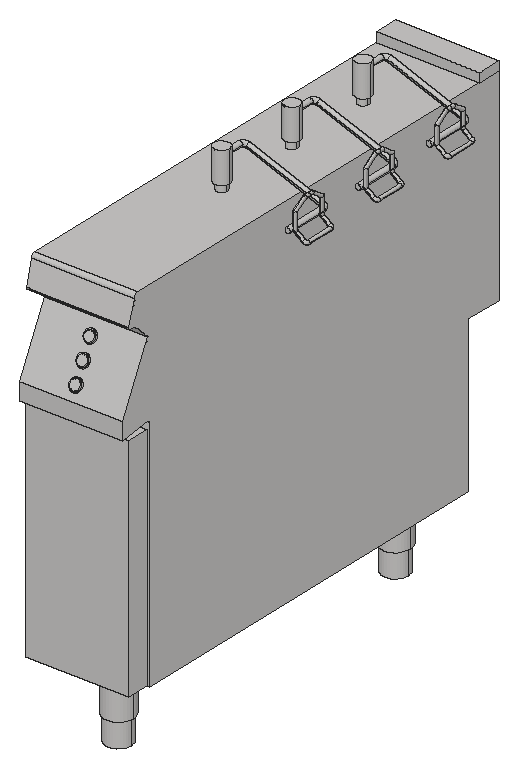
Revit family "QF_ZANUSSI_206355_LIFT9Z", category Attrezzature speciali, Revit 2020
Family settings
  Quota connettore circolare = Usa diametro
  Tipo di parte = Normale
  Basato su piano di lavoro = No
  Sempre verticale = Sì
  Taglio con vuoti quando caricato = No
  Condiviso = No
  Punto di calcolo locali = No
Parameters (values of type "Standard")
  Weight = 0.00 kg
  Watts = 0 W
  Volts = 0 V
  URL Manufacturer = ""
  URL = ""
  Steam Supply Size = 0 mm
  Steam Supply Minimum Pressure = 0.0 Pa
  Steam Supply Maximum Pressure = 0.0 Pa
  Steam Consumption per Hour = 0
  Show Clearance [instance] = yes
  Refrigeration Suction Line Size = 0 mm
  Refrigeration Liquid Line Size = 0 mm
  Refrigerant Compressor Remote = yes
  Prospetto di default = 0 mm
  Manufacturer = ""
  Phase = 0
  Model = ""
  Length Actual = 200 mm  # constant formula
  Item Number = ""
  Hot Water Size = 0 mm
  Height Actual = 850 mm  # constant formula
  HP = ""
  Gas Size = 0 mm
  Gas KW = 0
  Gas Input Pressure = 0 W
  Direct Waste Size = 0 mm
  Description = ""
  Depth Actual = 900 mm  # constant formula
  Cycle = 0 Hz
  Condensate Return Size = 0 mm
  Compressed Air Volume = 0.0 L/s
  Compressed Air Size = 0 mm
  Compressed Air Pressure = 0.0 Pa
  Cold Water Size = 0 mm
  Accessory = yes
Reference planes
  plane 1 "Back": y = 0
  plane 2: z = 0
  plane 3 "FRONT": y = -915
  plane 4 "LEFT": x = -21
  plane 5 "RIGHT": x = 179
  plane 6: x = 79
  plane 7: z = 923
  plane 8: z = 572.5
  plane 9: z = 851
  plane 10: z = 150
  plane 11 "Centro (Avanti/Indietro)": y = -457.5
  plane 12: y = -75
  plane 13: y = -850
  plane 14: y = -126
  plane 15: y = -800
  plane 16: z = 869
  plane 17: y = -205.145
  plane 18: y = -548.726
  plane 19: y = -377.821
Forms (mm)
  Extrusion 1, solid, material "QF_Finishes_Stainless Steel"
    sketch origin (0, 0, 10.5) x (0, 1, 0) y (0, 0, 1)
      loop
        line (0, 440.5) -> (0, 840.5) -> (-878.668, 840.5)
        arc (-878.668, 840.5) -> (-883.953, 838.311) -> (-886.142, 833.026) r 7.474
        line (-886.142, 833.026) -> (-899.193, 787.511)
        arc (-899.193, 787.511) -> (-898.706, 784.879) -> (-896.31, 783.684) r 3
        line (-896.31, 783.684) -> (-886.111, 783.684) -> (-854.292, 751.864) -> (-915, 629.618) -> (-915, 596.555) -> (-853.645, 605.178)
        arc (-853.645, 605.178) -> (-851.101, 604.424) -> (-850, 602.009) r 3.2
        line (-850, 602.009) -> (-850, 139.5) -> (-75, 139.5) -> (-75, 440.5) -> (0, 440.5)
      loop
        line (-900.076, 590.071) -> (-900.076, 144.5) -> (-855, 144.5) -> (-855, 590.071) -> (-900.076, 590.071)
    from -21 to 179
  Extrusion 2, solid, material "QF_Finishes_Stainless Steel"
    sketch origin (0, 0, 0) x (0, 1, 0) y (0, 0, 1)
      loop
        line (0, 869) -> (-46.726, 869) -> (-46.726, 851) -> (0, 851) -> (0, 869)
    from -21 to 179
  Extrusion 3, solid, material "QF_Finishes_Stainless Steel"
    sketch origin (429.404, -428.363, 0.673) x (1, 0, 0) y (0, 1, 0)
      loop
        line (-392.404, -331.714) -> (-392.404, -351.714) -> (-372.404, -351.714) -> (-372.404, -331.714) -> (-392.404, -331.714)
    from 147.327 to 149.327
Dimensions and locks
  plane 4 "LEFT" to plane 5 "RIGHT" = 200 mm
  plane 3 "FRONT" to plane 1 "Back" = 915 mm
  equal spacing: plane 4 "LEFT", plane 6, plane 5 "RIGHT"
  equal spacing: plane 3 "FRONT", plane 11 "Centro (Avanti/Indietro)", plane 1 "Back"
  locked: plane 9 to plane 10 at 701
  plane 7 to plane 2 = 923 mm
  locked: plane 10 to plane 2 at 150
  locked: plane 13 to plane 3 "FRONT" at 65
  plane 1 "Back" to plane 12 = 75 mm
  plane 1 "Back" to plane 14 to plane 15 = 126 mm, 674 mm
  plane 9 to plane 16 = 18 mm
  Extrusion 1 sketch curve to Extrusion 1 sketch curve = 400 mm
  aligned and locked: level to plane 2
  aligned and locked: Extrusion 1 to plane 4 "LEFT"
  aligned and locked: Extrusion 1 to plane 5 "RIGHT"
  aligned and locked: Extrusion 2 sketch curve to plane 16
  aligned and locked: Extrusion 2 sketch curve to plane 1 "Back"
  aligned and locked: plane 9 to Extrusion 2 sketch curve
  aligned and locked: Extrusion 2 to plane 5 "RIGHT"
  aligned and locked: Extrusion 2 to plane 4 "LEFT"
  aligned and locked: plane 6 to nested 1
  aligned and locked: plane 6 to nested 2
  aligned and locked: nested 2 to plane 18
  aligned and locked: nested 1 to plane 17
  aligned and locked: plane 14 to nested 3
  aligned and locked: plane 15 to nested 4
  aligned and locked: plane 6 to nested 4
  aligned and locked: plane 6 to nested 3
  aligned and locked: nested 5 to plane 6
  aligned and locked: nested 6 to plane 6
  aligned and locked: plane 10 to Extrusion 3
  aligned and locked: plane 6 to nested 8
  aligned and locked: nested 8 to plane 19
Automatic sketch dimensions
  Extrusion 1 sketch curve to plane 8 = 67.618 mm
  plane 10 to Extrusion 1 sketch curve = 5 mm
  Extrusion 1 sketch curve to Extrusion 1 sketch curve = 14.924 mm
  plane 9 to Extrusion 1 sketch curve = 52.989 mm
  Extrusion 1 sketch curve to Extrusion 1 sketch curve = 15.807 mm
  Extrusion 1 sketch curve to Extrusion 1 sketch curve = 2.884 mm
  Extrusion 1 sketch curve to Extrusion 1 sketch curve = 13.051 mm
  plane 9 to Extrusion 1 sketch curve = 56.816 mm
  Extrusion 1 sketch curve to Extrusion 1 sketch curve = 10.198 mm
  Extrusion 1 sketch curve to Extrusion 1 sketch curve = 7.474 mm
  Extrusion 1 sketch curve to plane 8 = 43.178 mm
  Extrusion 1 sketch curve to Extrusion 1 sketch curve = 0.445 mm
  Extrusion 1 sketch curve to Extrusion 1 sketch curve = 45.076 mm
  plane 9 to Extrusion 1 sketch curve = 88.636 mm
  Extrusion 1 sketch curve to Extrusion 1 sketch curve = 31.82 mm
  Extrusion 1 sketch curve to Extrusion 1 sketch curve = 5 mm
  Extrusion 1 sketch curve to plane 10 = 0 mm
  Extrusion 1 sketch curve to Extrusion 1 sketch curve = 75 mm
  Extrusion 1 sketch curve to plane 8 = 28.071 mm
  Extrusion 1 sketch curve to plane 8 = 34.555 mm
  Extrusion 1 sketch curve to Extrusion 1 sketch curve = 3.169 mm
  Extrusion 1 sketch curve to plane 1 "Back" = 0 mm
  plane 9 to Extrusion 1 sketch curve = 0 mm
  Extrusion 1 sketch curve to plane 3 "FRONT" = 0 mm
  Extrusion 2 sketch curve to plane 12 = 28.274 mm
  Extrusion 3 sketch curve to plane 15 = 19.924 mm
  plane 5 "RIGHT" to Extrusion 3 sketch curve = 142 mm
  Extrusion 3 sketch curve to Extrusion 3 sketch curve = 20 mm  (x2)
Nested families
  nested 1: "braccio" at (79, -205.145, 851), type "braccio"
  nested 2: "braccio" at (79, -548.726, 851), type "braccio"
  nested 3: "Foot_Adjustable" at (79, -126, 0), type "Foot_Adjustable"
    with Ø2 25 mm, Ø1 29 mm, Ht 150 mm, H1 48 mm
  nested 4: "Foot_Adjustable" at (79, -800, 0), type "Foot_Adjustable"
    with Ø2 25 mm, Ø1 29 mm, Ht 150 mm, H1 48 mm
  nested 5: "Bottone" at (79, -868.057, 734.645) x (0, -0.4448, -0.8956) z (0, -0.8956, 0.4448), type "Bottone"
  nested 6: "Bottone" at (79, -902.75, 664.785) x (0, -0.4448, -0.8956) z (0, -0.8956, 0.4448), type "Bottone"
  nested 7: "Bottone" at (79, -885.404, 699.715) x (1, 0, 0) z (0, -0.8956, 0.4448), type "Bottone"
  nested 8: "braccio" at (79, -377.821, 851), type "braccio"
Connectors
  electrical at (47, -770.076, 148), driven by "Volts"
    settings: on Extrusion 3, index 6, voltage 0 V, apparent load 0 VA, apparent load phase1 0 VA, apparent load phase2 0 VA, apparent load phase3 0 VA, power factor 1, load classification "Altro", number of poles 1, system type 30, power factor state 1, is connector primary yes, connector utility no, sub classification motor no, connector description "Electrical Connection"
Definition of nested family "braccio"
  Parameters
    Default Elevation = 1219.2 mm
  Reference planes
    plane 1 "Centro (Fronte/Retro)": y = 0
    plane 2: z = 0
    plane 3 "Centro (Sinistra/Destra)": x = 0
    plane 4: z = 75
    plane 5: z = 15
    plane 6: y = 15
    plane 7: y = -15
    plane 8: y = 65
    plane 9: y = 35
    plane 10: y = -35
    plane 11: x = 165
  Forms (mm)
    Extrusion 1, solid
      sketch origin (0, 0, 0) x (1, 0, 0) y (0, 1, 0)
        loop
          line (-1219.2, 1219.2) -> (-1219.2, -1219.2) -> (1219.2, -1219.2) -> (1219.2, 1219.2) -> (-1219.2, 1219.2)
      from 0 to -304.8
    Extrusion 2, solid
      sketch origin (0, 0, 0) x (1, 0, 0) y (0, 1, 0)
        loop
          circle (0, 0) r 15
      from 15 to 75
    Extrusion 3, solid
      sketch origin (0, 0, 0) x (1, 0, 0) y (0, 1, 0)
        loop
          circle (0, 0) r 10
      from 0 to 15
    Sweep 4, solid
      path origin (9.668, 0, 55.651) x (0.941405, 0, -0.337279) y (0, 1, 0)
        loop
          line (-10.255, 15) -> (-10.255, 43.653)
          arc (-10.255, 43.653) -> (-7.326, 50.724) -> (-0.255, 53.653) r 10
          line (-0.255, 53.653) -> (150, 53.653)
          arc (150, 53.653) -> (157.071, 50.724) -> (160, 43.653) r 10
          line (160, 43.653) -> (160, -39.357)
      profile origin (0.014, 29.327, 59.11) x (-0.941405, 0, 0.337279) y (0.337279, 0, 0.941405)
        loop
          circle (0, 0) r 5
    Sweep 5, solid
      path origin (34.137, 0, 102.024) x (0.798636, 0, -0.601815) y (0, 1, 0)
        loop
          line (165.527, 32.005) -> (189.527, 32.005)
          arc (189.527, 32.005) -> (193.062, 30.541) -> (194.527, 27.005) r 5
          line (194.527, 27.005) -> (194.527, -27.214)
          arc (194.527, -27.214) -> (193.062, -30.749) -> (189.527, -32.214) r 5
          line (189.527, -32.214) -> (165.527, -32.214)
      profile origin (175.916, 32.005, -4.815) x (0, 1, 0) y (0.601815, 0, 0.798636)
        loop
          circle (0, 0) r 3
    Sweep 6, solid
      path origin (165, -4572, 75) x (0, 0, 1) y (0, -1, 0)
        loop
          line (-75, -4604.089) -> (-41.25, -4604.089) -> (-25.285, -4580.421) -> (-25.285, -4572) -> (-25.285, -4563.579) -> (-41.25, -4539.911) -> (-75, -4539.911)
      profile origin (165, 32.089, 16.875) x (0, -1, 0) y (1, 0, 0)
        loop
          circle (0, 3.57) r 3
  Dimensions and locks
    plane 4 to plane 5 = 60 mm
    plane 5 to plane 2 = 15 mm
    equal spacing: plane 6, plane 1 "Centro (Fronte/Retro)", plane 7
    plane 8 to plane 6 = 50 mm
    equal spacing: plane 9, plane 1 "Centro (Fronte/Retro)", plane 10
    plane 11 to plane 3 "Centro (Sinistra/Destra)" = 165 mm
    aligned and locked: plane 2 to Extrusion 1
    aligned and locked: level to Extrusion 1
    aligned and locked: Extrusion 2 to plane 4
    aligned and locked: plane 5 to Extrusion 2
    aligned and locked: Extrusion 3 to level
    aligned and locked: Extrusion 3 to plane 5
  Automatic sketch dimensions
    Extrusion 1 sketch curve to Extrusion 1 sketch curve = 2438.4 mm  (x2)
    plane 1 "Centro (Fronte/Retro)" to Extrusion 2 sketch curve = 0 mm
    Extrusion 2 sketch curve to plane 3 "Centro (Sinistra/Destra)" = 0 mm
    plane 1 "Centro (Fronte/Retro)" to Extrusion 3 sketch curve = 0 mm
    Extrusion 3 sketch curve to plane 3 "Centro (Sinistra/Destra)" = 0 mm
    Sweep 4 sketch curve to plane 6 = 0 mm
    Sweep 4 sketch curve to plane 9 = 8.653 mm  (x2)
    Sweep 4 sketch curve to plane 8 = 11.347 mm
    Sweep 4 sketch curve to Sweep 4 sketch curve = 150.255 mm
    plane 10 to Sweep 4 sketch curve = 4.357 mm
    Sweep 4 sketch curve to profile plane = 0 mm  (x2)
    Sweep 5 sketch curve to profile plane = 0 mm  (x2)
    plane 3 "Centro (Sinistra/Destra)" to Sweep 6 sketch curve = 168.57 mm
    Sweep 6 sketch curve to profile plane = 0 mm
    Sweep 6 sketch curve to level = 0 mm  (x2)
    Sweep 6 sketch curve to plane 1 "Centro (Fronte/Retro)" = 0 mm
    plane 9 to Sweep 6 sketch curve = 2.911 mm
    Sweep 6 sketch curve to plane 5 = 18.75 mm  (x2)
    Sweep 6 sketch curve to plane 10 = 2.911 mm
    Sweep 6 sketch curve to plane 6 = 6.579 mm
    plane 4 to Sweep 6 sketch curve = 25.285 mm
    plane 7 to Sweep 6 sketch curve = 6.579 mm
    Sweep 5 sketch curve to plane 10 = 2.786 mm
    plane 9 to Sweep 5 sketch curve = 2.995 mm
    Sweep 5 sketch curve to Sweep 5 sketch curve = 0 mm
    Sweep 5 sketch curve to Sweep 5 sketch curve = 5 mm
    Sweep 5 sketch curve to Sweep 5 sketch curve = 24 mm  (x2)
    radius of Extrusion 2 sketch curve = 15 mm
    radius of Extrusion 3 sketch curve = 10 mm
    radius of Sweep 4 sketch curve = 5 mm
    radius of Sweep 5 sketch curve = 3 mm
    radius of Sweep 6 sketch curve = 3 mm
Definition of nested family "Foot_Adjustable"
  Parameters (values of type "Foot_Adjustable")
    Ø2 [instance] = 25 mm
    Ø1 [instance] = 29 mm
    Default Elevation = 0 mm
    H1 [instance] = 48 mm
    Ht [instance] = 150 mm
  Reference planes
    plane 1 "Centro (Fronte/Retro)": y = 0
    plane 2: z = 0
    plane 3 "Centro (Sinistra/Destra)": x = 0
    plane 4: z = 150
  Forms (mm)
    Revolve 1, solid
      sketch origin (255.05, 0, 608.09) x (0, 0, 1) y (-1, 0, 0)
        loop
          line (-608.09, 255.05) -> (-608.09, 230.05) -> (-560.09, 230.05) -> (-560.09, 226.05) -> (-458.09, 226.05) -> (-458.09, 255.05) -> (-608.09, 255.05)
        axis (-608.09, 255.05) -> (-458.09, 255.05)
      angle from 0 to 360
  Dimensions and locks
    "H1": level to Revolve 1 sketch curve
    "Ht": plane 4 to level
    "Ø2": Revolve 1 sketch curve to Revolve 1 sketch curve
    "Ø1": Revolve 1 sketch curve to Revolve 1 sketch curve
    aligned and locked: level to plane 2
    aligned and locked: plane 4 to Revolve 1 sketch curve
    aligned and locked: Revolve 1 sketch curve to level
    aligned and locked: plane 3 "Centro (Sinistra/Destra)" to Revolve 1 sketch curve
  Automatic sketch dimensions
    Revolve 1 sketch curve to plane 3 "Centro (Sinistra/Destra)" = 0 mm
    plane 4 to Revolve 1 sketch curve = 50 mm
    Revolve 1 sketch curve to Revolve 1 sketch curve = 20 mm
Definition of nested family "Bottone"
  Parameters (values of type "Bottone")
    Default Elevation = 1219.2 mm
  Reference planes
    plane 1 "Centro (Fronte/Retro)": y = 0
    plane 2: z = 0
    plane 3 "Centro (Sinistra/Destra)": x = 0
  Forms (mm)
    Extrusion 1, solid
      sketch origin (0, 0, 0) x (1, 0, 0) y (0, 1, 0)
        loop
          line (-1219.2, 1219.2) -> (-1219.2, -1219.2) -> (1219.2, -1219.2) -> (1219.2, 1219.2) -> (-1219.2, 1219.2)
      from 0 to -304.8
    Extrusion 2, solid
      sketch origin (0, 0, 0) x (1, 0, 0) y (0, 1, 0)
        loop
          circle (0, 0) r 12
        loop
          circle (0, 0) r 10
      from 0 to 2
    Extrusion 3, solid
      sketch origin (0, 0, 0) x (1, 0, 0) y (0, 1, 0)
        loop
          circle (0, 0) r 9.75
      from 0 to 3
  Dimensions and locks
    aligned and locked: plane 2 to Extrusion 1
    aligned and locked: level to Extrusion 1
